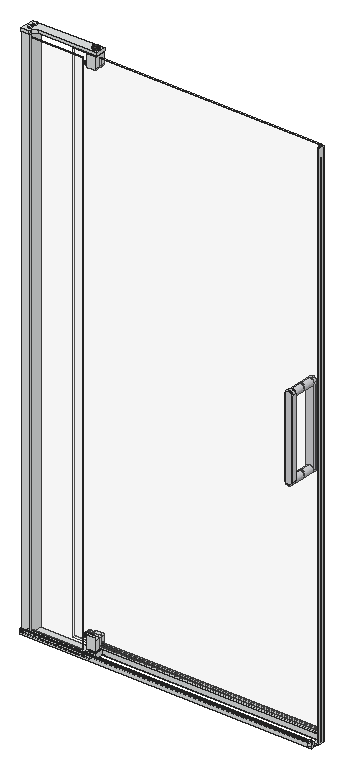
Revit family "Shower-Shower_Door-KOHLER-Revel-K-707536_1", category Specialty Equipment, host Face, Revit 2022
Family settings
  Host = Face
  Round Connector Dimension = Use Diameter
  Part Type = Normal
  OmniClass Number = 23.31.17.17
  OmniClass Title = Shower Enclosures
  Cut with Voids When Loaded = No
  Maintain Annotation Orientation = No
  Shared = No
  Room Calculation Point = No
Parameters (values of type "Clear Glass, SHP-Bright Polished Silver")
  Width [instance] = 8.18898" + Walk Thru + 1.5748"  # 40.01378"
  WaterSense Certified = 1 = 0  # no
  Walk Thru [instance] = 30 1/4"
  URL = "https://www.us.kohler.com/us/"
  Type = 3
  Secondary Finish = Kohler-Glass-L-Crystal_Clear
  Product Page URL = "http://www.us.kohler.com/us/catalog/productDetails.jsp?productId=707536-L"
  Product Name = "Revel"  # constant formula
  Product Documentation Link = "https://www.us.kohler.com/webassets/kpna/catalog/pdf/en/K-707536-L_spec_US-CA_Kohler_en.pdf"
  Model = if(Type = 1, "K-707536-L-ABZ", if(Type = 2, "K-707536-L-BNK", if(Type = 3, "K-707536-L-SHP", if(Type = 4, "K-707536-D3-ABZ", if(Type = 5, "K-707536-D3-BNK", if(Type = 6, "K-707536-D3-SHP", "NA"))))))  # "K-707536-L-SHP"
  Material = "Premium Metal Construction"  # constant formula
  Master Format 2014 Name = "Shower Doors"  # constant formula
  Master Format 2014 = "10 28 19.16"  # constant formula
  Manufacturer Address = "444 Highland Dr, Kohler, WI 53044"  # constant formula
  Manufacturer = "Kohler Co."  # constant formula
  Length = 4 7/64"  # constant formula
  Height = 74.01575"  # constant formula
  Handle Finish = Kohler-Metal-CP-Polished_Chrome
  Finish = Kohler-Metal-SHP-Bright_Polished_Silver
  Environmental Product Declaration = ""
  Description = if(or(Type < 4), "Pivot shower door, 74 inch H x 35-1/8 - 40 inch W, with 5/16 inch thick Crystal Clear glass", "Pivot shower door, 74 inch H x 35-1/8 - 40 inch W, with 5/16 inch thick Frosted glass")  # "Pivot shower door, 74 inch H x 35-1/8 - 40 inch W, with 5/16 inch thick Crystal Clear glass"
  Default Elevation = 4"
  Declare Label = ""
  Date Modified = "06/20/2022"  # constant formula
  Date Created = "06/20/2022"  # constant formula
  Copyright = "Copyright Kohler Co."  # constant formula
  Contact Us = "https://www.us.kohler.com/us/static/contact.jsp"
  Assembly Code = "C1030200"
  ADA Compliant = 1 = 0  # no
Reference planes (in)
  plane 1 "Center (Front/Back)": y = 0
  plane 2: z = 0
  plane 3 "Center (Left/Right)": x = 0
  plane 4: y = 2.10994
  plane 5: y = 0.71149
  plane 6: y = -1.5326
  plane 7: x = -8.29527
  plane 8: y = 0.32149
  plane 9: y = -1.99943
  plane 10: y = -0.55188
  plane 11: x = -15.84581
  plane 12: z = 74.01575
  plane 13: z = 74.38016
  plane 14: z = 73.13257
  plane 15: z = 72.11625
  plane 16: z = 42.95276
  plane 17: z = 42.46063
  plane 18: z = 31.83071
  plane 19: z = 31.33858
  plane 20: z = 2.1635
  plane 21: z = 0.62992
  plane 22: x = -16.48425
  plane 23: x = -6.72047
  plane 24: x = 23.52953
  plane 25: x = 23.14921
  plane 26: z = 72.6811
  plane 27: x = 23.03099
  plane 28: x = 20.57624
Dimensions and locks (in)
  plane 7 to plane 3 "Center (Left/Right)" = 8.29527"
  "Height": plane 12 to level
  "Length": plane 4 to plane 9
  locked: plane 23 to plane 3 "Center (Left/Right)" at 6.72047
  "Walk Thru": plane 23 to plane 24
  locked: plane 27 to plane 24 at 0.49854
  locked: plane 24 to plane 25 at 0.38032
  locked: plane 28 to plane 24 at 2.95329
  plane 19 to level = 31.33858"
  locked: plane 16 to plane 19 at 11.61417
  plane 7 to plane 22 = 8.18898"
  locked: plane 11 to plane 22 at 0.63844
  "Width": plane 24 to plane 22
  locked: plane 13 to plane 12 at 0.36441
  locked: plane 12 to plane 14 at 0.88318
  locked: plane 14 to plane 15 at 1.01632
  locked: plane 18 to plane 19 at 0.49213
  locked: plane 16 to plane 17 at 0.49213
  aligned and locked: plane 2 to host face
  aligned and locked: level to host face
  aligned and locked: plane 3 "Center (Left/Right)" to nested 1
Automatic sketch dimensions
  host sketch curve to host sketch curve = 96"  (x2)
Nested families (in)
  nested 1: "K-707536" at (0, 0, 0), type "K-707536"
    with Width 40.01378", Walk Thru 30 1/4"
Definition of nested family "K-707536"
  Parameters (values of type "K-707536")
    Width = Walk Thru + Distance + 1.5748"  # 36.02362"
    Walk Thru = 26.25984"
    Material = none
    Height = 74.01575"
    Handle Material = none
    Handle Height = 31.33858"
    Glass Material = none
    Distance = 8.18898"
    Default Elevation = 0"
  Reference planes (in)
    plane 1 "Center (Front/Back)": y = 0
    plane 2: z = 0
    plane 3 "Center (Left/Right)": x = 0
    plane 4: x = -16.48425
    plane 5: x = -8.29527
    plane 6 "K": x = 16.58608
    plane 7: z = 74.01575
    plane 8: z = 73.66142
    plane 9 "D": z = 72.11625
    plane 10: z = 31.33858
    plane 11: z = 42.95276
    plane 12: y = 2.10994
    plane 13: y = -1.99772
    plane 14: y = 0.71149
    plane 15: y = -1.5326
    plane 16: z = 0.62992
    plane 17: z = 73.13257
    plane 18: x = -15.84363
    plane 19 "A": y = -0.55188
    plane 20 "B": y = 0.32149
    plane 21 "C": z = 2.1635
    plane 22: z = 72.93572
    plane 23: z = 72.68188
    plane 24: z = 42.46063
    plane 25: z = 31.83071
    plane 26: z = 74.38016
    plane 27: x = -6.72047
    plane 28: x = 19.53937
    plane 29: x = 18.89764
    plane 30: x = 19.39764
    plane 31: x = 19.04083
    plane 32: x = -7.40614
  Forms (in)
    Extrusion 1, solid, material <- "Material", detail levels medium+fine
      sketch origin (0, 0, 0) x (0, 1, 0) y (0, 0, 1)
        loop
          line (-0.27623, 0) -> (0.59855, 0)
          arc (0.59855, 0) -> (0.62415, 0.0106) -> (0.63475, 0.0362) r 0.0362
          line (0.63475, 0.0362) -> (0.63475, 0.21702)
          arc (0.63475, 0.21702) -> (0.62509, 0.24034) -> (0.60177, 0.25) r 0.03298
          line (0.60177, 0.25) -> (-1.2883, 0.25)
          arc (-1.2883, 0.25) -> (-1.3314, 0.26785) -> (-1.34925, 0.31095) r 0.06095
          line (-1.34925, 0.31095) -> (-1.34925, 0.48)
          arc (-1.34925, 0.48) -> (-1.40675, 0.5375) -> (-1.46425, 0.48) r 0.0575
          line (-1.46425, 0.48) -> (-1.46425, 0.26417)
          arc (-1.46425, 0.26417) -> (-1.42954, 0.17607) -> (-1.34408, 0.1353) r 0.12919
          line (-1.34408, 0.1353) -> (-0.30312, 0.06251) -> (-0.30312, 0.0269)
          arc (-0.30312, 0.0269) -> (-0.29525, 0.00788) -> (-0.27623, 0) r 0.0269
      from -16.48425 to -8.02475
    Extrusion 2, solid, material <- "Material", detail levels medium+fine
      sketch origin (0, 0, 0) x (0, 1, 0) y (0, 0, 1)
        loop
          line (-1.46425, 0.06988) -> (-0.33625, -0.00012) -> (-0.33625, 0.06) -> (-1.46425, 0.13) -> (-1.46425, 0.565) -> (-1.33425, 0.565) -> (-1.33425, 0.368)
          arc (-1.33425, 0.368) -> (-1.30425, 0.338) -> (-1.27425, 0.368) r 0.03
          line (-1.27425, 0.368) -> (-1.27425, 0.60686)
          arc (-1.27425, 0.60686) -> (-1.281, 0.62317) -> (-1.29731, 0.62992) r 0.02306
          line (-1.29731, 0.62992) -> (-1.50695, 0.62992)
          arc (-1.50695, 0.62992) -> (-1.52509, 0.62241) -> (-1.5326, 0.60427) r 0.02565
          line (-1.5326, 0.60427) -> (-1.5326, 0) -> (-1.48411, 0)
          arc (-1.48411, 0) -> (-1.47007, 0.00582) -> (-1.46425, 0.01986) r 0.01986
          line (-1.46425, 0.01986) -> (-1.46425, 0.06988)
      from -16.48425 to 19.39764
    Extrusion 3, solid, material <- "Material", detail levels medium+fine
      sketch origin (0, 0, 0) x (0, 1, 0) y (0, 0, 1)
        loop
          line (-1.23023, 0.67187) -> (-1.54853, 0.67187)
          arc (-1.54853, 0.67187) -> (-1.56451, 0.66526) -> (-1.57112, 0.64928) r 0.0226
          line (-1.57112, 0.64928) -> (-1.57112, 0.03588)
          arc (-1.57112, 0.03588) -> (-1.55186, 0.01661) -> (-1.5326, 0.03588) r 0.01926
          line (-1.5326, 0.03588) -> (-1.5326, 0.62992) -> (-1.25863, 0.62992) -> (-1.25862, 0.15799)
          arc (-1.25862, 0.15799) -> (-1.25033, 0.13693) -> (-1.22989, 0.12718) r 0.03089
          line (-1.22989, 0.12718) -> (-0.30312, 0.06237) -> (-0.30312, 0.02652)
          arc (-0.30312, 0.02652) -> (-0.29532, 0.00768) -> (-0.27648, -0.00013) r 0.02664
          line (-0.27648, -0.00013) -> (0.27012, -0.00013)
          arc (0.27012, -0.00013) -> (0.29328, 0.00947) -> (0.30288, 0.03263) r 0.03275
          line (0.30288, 0.03263) -> (0.30288, 0.20868)
          arc (0.30288, 0.20868) -> (0.29449, 0.22892) -> (0.27425, 0.23731) r 0.02863
          line (0.27425, 0.23731) -> (-1.17024, 0.23731)
          arc (-1.17024, 0.23731) -> (-1.19827, 0.24892) -> (-1.20987, 0.27694) r 0.03964
          line (-1.20987, 0.27694) -> (-1.20987, 0.65152)
          arc (-1.20987, 0.65152) -> (-1.21584, 0.66591) -> (-1.23023, 0.67187) r 0.02036
      from 19.39764 to 18.89764
    Extrusion 4, solid, material <- "Material", detail levels medium+fine
      sketch origin (0, 0, 0) x (1, 0, 0) y (0, 1, 0)
        loop
          line (-16.48425, -1.27425) -> (-15.36279, -1.27425) -> (-15.36279, -1.0745) -> (-15.92325, -1.0745)
          arc (-15.92325, -1.0745) -> (-15.95325, -0.95875) -> (-15.92325, -0.843) r 0.2383
          line (-15.92325, -0.843) -> (-15.359, -0.843) -> (-15.359, 0.64608) -> (-16.48425, 0.64608) -> (-16.48425, 0.5658) -> (-16.42405, 0.5658) -> (-16.42405, 0.2641) -> (-16.48425, 0.2641) -> (-16.48425, 0.19996) -> (-16.42405, 0.19996) -> (-16.42405, -0.42903) -> (-16.48425, -0.42903) -> (-16.48425, -0.49326) -> (-16.42405, -0.49326) -> (-16.42405, -1.21125) -> (-16.48425, -1.21125) -> (-16.48425, -1.27425)
      from 0.25 to 73.66142
    Extrusion 5, solid, material <- "Glass Material"
      sketch origin (0, 0, 0) x (1, 0, 0) y (0, 1, 0)
        loop
          arc (-15.92325, -0.843) -> (-15.95325, -0.95875) -> (-15.92325, -1.0745) r 0.2383
          line (-15.92325, -1.0745) -> (-8.32527, -1.0745)
          arc (-8.32527, -1.0745) -> (-8.29527, -0.95875) -> (-8.32527, -0.843) r 0.2383
          line (-8.32527, -0.843) -> (-15.92325, -0.843)
      from 0.625 to 73.13257
    Extrusion 6, solid, material <- "Material"
      sketch origin (0, 0, 0) x (1, 0, 0) y (0, 1, 0)
        loop
          line (-16.48425, -1.33251) -> (-15.3867, -1.33251)
          arc (-15.3867, -1.33251) -> (-15.3224, -1.30588) -> (-15.29577, -1.24158) r 0.09093
          line (-15.29577, -1.24158) -> (-15.29577, -1.16731)
          arc (-15.29577, -1.16731) -> (-15.14469, -0.80256) -> (-14.77993, -0.65147) r 0.51584
          line (-14.77993, -0.65147) -> (-6.73991, -0.65147) -> (-6.73991, 0.71149) -> (-16.48425, 0.71149) -> (-16.48425, -1.33251)
      from 73.66142 to 74.01575
    Revolve 7, solid, detail levels medium+fine
      sketch origin (0, -0.55188, 0) x (0, 0, 1) y (-1, 0, 0)
        loop
          line (74.01575, 15.84363) -> (74.19327, 15.84363)
          arc (74.19327, 15.84363) -> (74.1544, 15.98634) -> (74.04852, 16.08963) r 0.2814
          line (74.04852, 16.08963) -> (74.01575, 16.08963) -> (74.01575, 15.84363)
        axis (74.01575, 15.84363) -> (74.19327, 15.84363)
      angle from 0 to 360
    Revolve 8, solid, detail levels medium+fine
      sketch origin (0, 0.32149, 0) x (0, 0, -1) y (-1, 0, 0)
        loop
          line (-74.01575, 15.84363) -> (-74.01575, 16.08963) -> (-74.04852, 16.08963)
          arc (-74.04852, 16.08963) -> (-74.1544, 15.98634) -> (-74.19327, 15.84363) r 0.2814
          line (-74.19327, 15.84363) -> (-74.01575, 15.84363)
        axis (-74.19327, 15.84363) -> (-74.01575, 15.84363)
      angle from 0 to 360
    Extrusion 9, solid, material <- "Material", detail levels medium+fine
      sketch origin (0, 0, 0) x (0, 1, 0) y (0, 0, 1)
        loop
          line (0.63475, 0) -> (0.63475, 0.625) -> (-0.72263, 0.625)
          arc (-0.72263, 0.625) -> (-0.75489, 0.61164) -> (-0.76825, 0.57938) r 0.04562
          line (-0.76825, 0.57938) -> (-0.76825, 0.31091)
          arc (-0.76825, 0.31091) -> (-0.78609, 0.26784) -> (-0.82916, 0.25) r 0.06091
          line (-0.82916, 0.25) -> (-1.10552, 0.25)
          arc (-1.10552, 0.25) -> (-1.13786, 0.26339) -> (-1.15125, 0.29573) r 0.04573
          line (-1.15125, 0.29573) -> (-1.15125, 0.59003)
          arc (-1.15125, 0.59003) -> (-1.16149, 0.61476) -> (-1.18622, 0.625) r 0.03497
          line (-1.18622, 0.625) -> (-1.24534, 0.625)
          arc (-1.24534, 0.625) -> (-1.2672, 0.61595) -> (-1.27625, 0.59409) r 0.03091
          line (-1.27625, 0.59409) -> (-1.27625, 0.312)
          arc (-1.27625, 0.312) -> (-1.31275, 0.2755) -> (-1.34925, 0.312) r 0.0365
          line (-1.34925, 0.312) -> (-1.34925, 0.48)
          arc (-1.34925, 0.48) -> (-1.40675, 0.5375) -> (-1.46425, 0.48) r 0.0575
          line (-1.46425, 0.48) -> (-1.46425, 0.26028)
          arc (-1.46425, 0.26028) -> (-1.43067, 0.17503) -> (-1.34797, 0.13559) r 0.125
          line (-1.34797, 0.13559) -> (-0.30275, 0.0625) -> (-0.30275, 0.03125)
          arc (-0.30275, 0.03125) -> (-0.2936, 0.00915) -> (-0.2715, 0) r 0.03125
          line (-0.2715, 0) -> (0.63475, 0)
      from -6.76525 to -8.02475
    Extrusion 10, solid, material <- "Material"
      sketch origin (0, 0, 0) x (1, 0, 0) y (0, 0, 1)
        loop
          arc (-6.80462, 0.7535) -> (-6.77678, 0.76503) -> (-6.76525, 0.79287) r 0.03937
          line (-6.76525, 0.79287) -> (-6.76525, 2.20243)
          arc (-6.76525, 2.20243) -> (-6.83527, 2.37148) -> (-7.00432, 2.4415) r 0.23907
          line (-7.00432, 2.4415) -> (-7.77509, 2.4415)
          arc (-7.77509, 2.4415) -> (-7.94491, 2.37116) -> (-8.01525, 2.20134) r 0.24016
          line (-8.01525, 2.20134) -> (-8.01525, 0.79202)
          arc (-8.01525, 0.79202) -> (-8.00397, 0.76478) -> (-7.97673, 0.7535) r 0.03852
          line (-7.97673, 0.7535) -> (-6.80462, 0.7535)
      from -0.699 to 0.6555
    Extrusion 11, void
      sketch origin (0, 0, 0) x (0, 1, 0) y (0, 0, 1)
        loop
          line (-0.223, 1.0975) -> (0.277, 1.0975) -> (0.277, 2.6723) -> (-0.223, 2.6723) -> (-0.223, 1.0975)
      from -8.374 to -5.62598
    Extrusion 12, solid
      sketch origin (0, 0, 0) x (1, 0, 0) y (0, 0, 1)
        loop
          line (-6.78494, 1.0975) -> (-6.78494, 2.20243)
          arc (-6.78494, 2.20243) -> (-6.84919, 2.35756) -> (-7.00432, 2.42181) r 0.21938
          line (-7.00432, 2.42181) -> (-7.77509, 2.42181)
          arc (-7.77509, 2.42181) -> (-7.93099, 2.35724) -> (-7.99556, 2.20134) r 0.22047
          line (-7.99556, 2.20134) -> (-7.99556, 1.0975) -> (-6.78494, 1.0975)
      from -0.277 to 0.223
    Revolve 13, solid, material <- "Material"
      sketch origin (0, 0, 2.1635) x (0, -1, 0) y (1, 0, 0)
        loop
          line (0.3524, -8.32761) -> (-0.39049, -8.32761) -> (-0.39049, -8.59986)
          arc (-0.39049, -8.59986) -> (-0.37874, -8.62823) -> (-0.35037, -8.63998) r 0.04012
          line (-0.35037, -8.63998) -> (-0.17426, -8.63998) -> (-0.17426, -8.59632) -> (-0.13508, -8.59632) -> (-0.13508, -8.48472) -> (0.097, -8.48472) -> (0.097, -8.59632) -> (0.13617, -8.59632) -> (0.13617, -8.63998) -> (0.31228, -8.63998)
          arc (0.31228, -8.63998) -> (0.34065, -8.62823) -> (0.3524, -8.59986) r 0.04012
          line (0.3524, -8.59986) -> (0.3524, -8.32761)
        axis (0.3524, -8.32761) -> (-0.39049, -8.32761)
      angle from 0 to 360
    Extrusion 14, solid, detail levels medium+fine
      sketch origin (0, 0, 0) x (1, 0, 0) y (0, 0, 1)
        loop
          circle (-7.07775, 1.5975) r 0.18898
        loop
          line (-7.07775, 1.72346) -> (-7.18683, 1.66048) -> (-7.18683, 1.53452) -> (-7.07775, 1.47154) -> (-6.96867, 1.53452) -> (-6.96867, 1.66048) -> (-7.07775, 1.72346)
        loop
          circle (-7.70273, 1.5975) r 0.18898
        loop
          line (-7.70273, 1.72346) -> (-7.81181, 1.66048) -> (-7.81181, 1.53452) -> (-7.70273, 1.47154) -> (-7.59364, 1.53452) -> (-7.59364, 1.66048) -> (-7.70273, 1.72346)
      from -0.64608 to -0.74844
    Revolve 15, solid, material <- "Material"
      sketch origin (0, 0, 72.11625) x (0, -1, 0) y (1, 0, 0)
        loop
          line (0.34548, -8.29527) -> (-0.39741, -8.29527) -> (-0.39741, -8.56752)
          arc (-0.39741, -8.56752) -> (-0.38566, -8.59589) -> (-0.35729, -8.60764) r 0.04012
          line (-0.35729, -8.60764) -> (-0.18118, -8.60764) -> (-0.18118, -8.56398) -> (-0.14201, -8.56398) -> (-0.14201, -8.45238) -> (0.09007, -8.45238) -> (0.09007, -8.56398) -> (0.12925, -8.56398) -> (0.12925, -8.60764) -> (0.30536, -8.60764)
          arc (0.30536, -8.60764) -> (0.33373, -8.59589) -> (0.34548, -8.56752) r 0.04012
          line (0.34548, -8.56752) -> (0.34548, -8.29527)
        axis (0.34548, -8.29527) -> (-0.39741, -8.29527)
      angle from 0 to 360
    Extrusion 16, solid, material <- "Material"
      sketch origin (0, 0, 0) x (0, 1, 0) y (0, 0, 1)
        loop
          arc (-0.097, 1.35312) -> (-0.11537, 1.37299) -> (-0.13662, 1.35624) r 0.01993
          line (-0.13662, 1.35624) -> (-0.1776, 1.0975) -> (0.20316, 1.0975) -> (0.20316, 1.33432)
          arc (0.20316, 1.33432) -> (0.2165, 1.35338) -> (0.23898, 1.34737) r 0.02029
          arc (0.23898, 1.34737) -> (0.2829, 1.29668) -> (0.32829, 1.24731) r 2.26458
          arc (0.32829, 1.24731) -> (0.34709, 1.18966) -> (0.31434, 1.13863) r 0.07073
          arc (0.31434, 1.13863) -> (0.33971, 1.11534) -> (0.37309, 1.12379) r 0.03623
          arc (0.37309, 1.12379) -> (0.42824, 1.15633) -> (0.49187, 1.16351) r 0.15339
          arc (0.49187, 1.16351) -> (0.52099, 1.19696) -> (0.4952, 1.23303) r 0.03577
          arc (0.4952, 1.23303) -> (0.28695, 1.37387) -> (0.20068, 1.61001) r 0.4083
          arc (0.20068, 1.61001) -> (0.17922, 1.64919) -> (0.135, 1.65554) r 0.04994
          line (0.135, 1.65554) -> (0.135, 1.1775)
          arc (0.135, 1.1775) -> (0.019, 1.1475) -> (-0.097, 1.1775) r 0.23927
          line (-0.097, 1.1775) -> (-0.097, 1.35312)
        loop
          line (0.25206, 1.15842) -> (0.26168, 0.02414)
          arc (0.26168, 0.02414) -> (0.28259, 0.00002) -> (0.30569, 0.02205) r 0.02205
          line (0.30569, 0.02205) -> (0.30569, 1.15843)
          arc (0.30569, 1.15843) -> (0.27885, 1.25716) -> (0.25206, 1.15842) r 0.05301
      from -6.76525 to 19.04083
    Extrusion 17, solid, material <- "Material", detail levels medium+fine
      sketch origin (0, 0.32149, 0) x (0, 0, -1) y (-1, 0, 0)
        loop
          arc (-73.49422, 8.033) -> (-73.5177, 8.02327) -> (-73.52743, 7.99979) r 0.03321
          line (-73.52743, 7.99979) -> (-73.52743, 6.8125)
          arc (-73.52743, 6.8125) -> (-73.5177, 6.78902) -> (-73.49422, 6.77929) r 0.03321
          line (-73.49422, 6.77929) -> (-72.08933, 6.77929)
          arc (-72.08933, 6.77929) -> (-71.91084, 6.85322) -> (-71.83691, 7.03171) r 0.25241
          line (-71.83691, 7.03171) -> (-71.83691, 7.78058)
          arc (-71.83691, 7.78058) -> (-71.91084, 7.95907) -> (-72.08933, 8.033) r 0.25241
          line (-72.08933, 8.033) -> (-73.49422, 8.033)
      from -0.97296 to 0.37751
    Extrusion 18, void
      sketch origin (0, 0, 0) x (0, 1, 0) y (0, 0, 1)
        loop
          line (-0.22762, 71.71778) -> (0.23512, 71.71778) -> (0.23512, 73.22772) -> (-0.22762, 73.22772) -> (-0.22762, 71.71778)
      from -8.32527 to -6.37881
    Extrusion 19, solid, detail levels medium+fine
      sketch origin (0, 0, 0) x (1, 0, 0) y (0, 0, 1)
        loop
          line (-7.78058, 71.8566) -> (-7.03171, 71.8566)
          arc (-7.03171, 71.8566) -> (-6.86714, 71.92476) -> (-6.79898, 72.08933) r 0.23273
          line (-6.79898, 72.08933) -> (-6.79898, 73.22772) -> (-8.01331, 73.22772) -> (-8.01331, 72.08933)
          arc (-8.01331, 72.08933) -> (-7.94515, 71.92476) -> (-7.78058, 71.8566) r 0.23273
      from -0.23512 to 0.22762
    Extrusion 20, solid, material <- "Glass Material"
      sketch origin (0, 0, 0) x (1, 0, 0) y (0, 1, 0)
        loop
          arc (19.33997, -0.1605) -> (19.39481, -0.00425) -> (19.33997, 0.152) r 0.25
          line (19.33997, 0.152) -> (-10.36891, 0.152)
          arc (-10.36891, 0.152) -> (-10.42375, -0.00425) -> (-10.36891, -0.1605) r 0.25
          line (-10.36891, -0.1605) -> (19.33997, -0.1605)
      from 1.0975 to 73.13257
    Extrusion 21, solid, detail levels medium+fine
      sketch origin (0, 0, 0) x (1, 0, 0) y (0, 0, 1)
        loop
          circle (-7.09313, 72.6861) r 0.18898
        loop
          line (-7.09313, 72.81206) -> (-7.20221, 72.74908) -> (-7.20221, 72.62312) -> (-7.09313, 72.56014) -> (-6.98404, 72.62312) -> (-6.98404, 72.74908) -> (-7.09313, 72.81206)
        loop
          circle (-7.71992, 72.6861) r 0.18898
        loop
          line (-7.71992, 72.81206) -> (-7.829, 72.74908) -> (-7.829, 72.62312) -> (-7.71992, 72.56014) -> (-7.61083, 72.62312) -> (-7.61083, 72.74908) -> (-7.71992, 72.81206)
      from -0.277 to -0.74844
    Revolve 22, solid, material <- "Handle Material"
      sketch origin (16.58608, 0, 0) x (0, 0, 1) y (0, -1, 0)
        loop
          line (42.46063, -1.59591) -> (42.95276, -1.59591) -> (42.95276, -0.135) -> (42.70487, -0.135) -> (42.70487, 0.097) -> (42.95276, 0.097) -> (42.95276, 1.47495) -> (42.46063, 1.47495) -> (42.46063, -1.59591)
        axis (42.46063, 1.47495) -> (42.46063, -1.59591)
      angle from 0 to 360
    Revolve 23, solid, material <- "Handle Material"
      sketch origin (16.58608, 0, 0) x (0, 0, 1) y (0, -1, 0)
        loop
          line (31.83071, -1.59591) -> (31.83071, 1.47495) -> (31.33858, 1.47495) -> (31.33858, 0.097) -> (31.58646, 0.097) -> (31.58646, -0.135) -> (31.33858, -0.135) -> (31.33858, -1.59591) -> (31.83071, -1.59591)
        axis (31.83071, -1.59591) -> (31.83071, 1.47495)
      angle from 0 to 360
    Sweep 24, solid, material <- "Handle Material", detail levels medium+fine
      path origin (0, 0, 0) x (1, 0, 0) y (0, 0, 1)
        loop
          arc (17.0782, 42.46063) -> (16.58608, 42.95276) -> (16.09395, 42.46063) r 0.49213
          line (16.09395, 42.46063) -> (16.09395, 31.83071)
          arc (16.09395, 31.83071) -> (16.58608, 31.33858) -> (17.0782, 31.83071) r 0.49213
          line (17.0782, 31.83071) -> (17.0782, 42.46063)
      profile origin (16.58608, 0, 42.95276) x (0, 0, -1) y (0, -1, 0)
        loop
          line (0, 1.47495) -> (0.07036, 1.47495) -> (0.07036, 1.99772) -> (0.03819, 1.99772)
          arc (0.03819, 1.99772) -> (0.01119, 1.98653) -> (0, 1.95953) r 0.03819
          line (0, 1.95953) -> (0, 1.47495)
    Extrusion 25, solid, material <- "Handle Material", detail levels medium+fine
      sketch origin (0, 0, 0) x (1, 0, 0) y (0, 0, 1)
        loop
          arc (16.16431, 31.83071) -> (16.58608, 31.40894) -> (17.00785, 31.83071) r 0.42177
          line (17.00785, 31.83071) -> (17.00785, 42.46063)
          arc (17.00785, 42.46063) -> (16.58608, 42.8824) -> (16.16431, 42.46063) r 0.42177
          line (16.16431, 42.46063) -> (16.16431, 31.83071)
      from 1.47495 to 1.99772
    Sweep 26, solid, material <- "Handle Material", detail levels medium+fine
      path origin (0, 0, 0) x (1, 0, 0) y (0, 0, 1)
        loop
          line (17.0782, 31.83071) -> (17.0782, 42.46063)
          arc (17.0782, 42.46063) -> (16.58608, 42.95276) -> (16.09395, 42.46063) r 0.49213
          line (16.09395, 42.46063) -> (16.09395, 31.83071)
          arc (16.09395, 31.83071) -> (16.58608, 31.33858) -> (17.0782, 31.83071) r 0.49213
      profile origin (16.58608, 0, 31.33858) x (0, 0, -1) y (0, -1, 0)
        loop
          line (-0.08322, -1.59591) -> (-0.08322, -2.10994) -> (-0.03596, -2.10994)
          arc (-0.03596, -2.10994) -> (-0.01053, -2.09941) -> (0, -2.07398) r 0.03596
          line (0, -2.07398) -> (0, -1.59591) -> (-0.08322, -1.59591)
    Extrusion 27, solid, material <- "Handle Material", detail levels medium+fine
      sketch origin (0, 0, 0) x (1, 0, 0) y (0, 0, 1)
        loop
          line (16.17717, 42.46063) -> (16.17717, 31.83071)
          arc (16.17717, 31.83071) -> (16.58608, 31.4218) -> (16.99498, 31.83071) r 0.4089
          line (16.99498, 31.83071) -> (16.99498, 42.46063)
          arc (16.99498, 42.46063) -> (16.58608, 42.86953) -> (16.17717, 42.46063) r 0.4089
      from -2.10994 to -1.59591
    Extrusion 28, solid, material <- "Material"
      sketch origin (0, 0, 0) x (1, 0, 0) y (0, 1, 0)
        loop
          circle (-7.40614, 0) r 0.23622
      from 0.565 to 0.7535
    Extrusion 29, void
      sketch origin (0, 0, 0) x (1, 0, 0) y (0, 1, 0)
        loop
          arc (-6.80404, -0.07487) -> (-6.97385, 0.46372) -> (-7.51243, 0.63353) r 0.6115
          arc (-7.51243, 0.63353) -> (-7.63532, 0.45802) -> (-7.45982, 0.33513) r 0.1515
          arc (-7.45982, 0.33513) -> (-7.18811, 0.24946) -> (-7.10243, -0.02225) r 0.3085
          arc (-7.10243, -0.02225) -> (-6.97954, -0.19776) -> (-6.80404, -0.07487) r 0.1515
      from 74.01575 to 73.66142
    Extrusion 30, solid
      sketch origin (0, 0, 0) x (1, 0, 0) y (0, 1, 0)
        loop
          circle (-7.40625, 0.49132) r 0.07731
        loop
          circle (-7.40625, 0.49132) r 0.097
      from 74.01575 to 73.59021
    Extrusion 31, solid, material <- "Handle Material", detail levels coarse
      sketch origin (0, 0, 0) x (1, 0, 0) y (0, 0, 1)
        loop
          line (16.09395, 42.95276) -> (16.09395, 31.33858) -> (17.0782, 31.33858) -> (17.0782, 42.95276) -> (16.09395, 42.95276)
      from 1.47495 to 1.99772
    Extrusion 32, solid, material <- "Handle Material", detail levels coarse
      sketch origin (0, 0, 0) x (1, 0, 0) y (0, 0, 1)
        loop
          line (16.09395, 42.95276) -> (16.09395, 31.33858) -> (17.0782, 31.33858) -> (17.0782, 42.95276) -> (16.09395, 42.95276)
      from -2.10994 to -1.59591
    Extrusion 33, solid, material <- "Material", detail levels coarse
      sketch origin (0, 0, 0) x (1, 0, 0) y (0, 1, 0)
        loop
          line (-15.359, -0.843) -> (-15.359, 0.64608) -> (-16.48425, 0.64608) -> (-16.48425, -1.27425) -> (-15.36279, -1.27425) -> (-15.36279, -1.0745) -> (-15.92325, -1.0745)
          arc (-15.92325, -1.0745) -> (-15.95325, -0.95875) -> (-15.92325, -0.843) r 0.2383
          line (-15.92325, -0.843) -> (-15.359, -0.843)
      from 0 to 73.66142
    Extrusion 34, solid, material <- "Material", detail levels coarse
      sketch origin (16.58608, 0, 0) x (0, 0, 1) y (0, -1, 0)
        loop
          line (0.25, -0.30288) -> (0.25, 1.27425) -> (0.62992, 1.27425) -> (0.62992, 1.5326) -> (0, 1.5326) -> (0, -0.30288) -> (0.25, -0.30288)
      from -33.07033 to 2.81156
    Extrusion 35, solid, material <- "Material"
      sketch origin (0, 0, 0) x (1, 0, 0) y (0, 1, 0)
        loop
          arc (19.53937, 0.28917) -> (19.53044, 0.31074) -> (19.50887, 0.31967) r 0.0305
          line (19.50887, 0.31967) -> (19.00718, 0.31967)
          arc (19.00718, 0.31967) -> (18.98968, 0.30217) -> (19.00718, 0.28466) r 0.0175
          line (19.00718, 0.28466) -> (19.05405, 0.28466)
          arc (19.05405, 0.28466) -> (19.0238, 0.27075) -> (18.99618, 0.25214) r 0.20599
          arc (18.99618, 0.25214) -> (18.96275, 0.2073) -> (18.95558, 0.15183) r 0.11038
          line (18.95558, 0.15183) -> (19.20592, 0.15183)
          arc (19.20592, 0.15183) -> (19.18166, 0.23382) -> (19.1129, 0.28466) r 0.13461
          line (19.1129, 0.28466) -> (19.47359, 0.28466)
          arc (19.47359, 0.28466) -> (19.49605, 0.27536) -> (19.50536, 0.2529) r 0.03177
          line (19.50536, 0.2529) -> (19.50536, -0.48012) -> (19.43517, -0.48012) -> (19.22577, -0.1617)
          arc (19.22577, -0.1617) -> (19.20269, -0.16372) -> (19.19169, -0.18411) r 0.02441
          line (19.19169, -0.18411) -> (19.4107, -0.51714) -> (19.53937, -0.51714) -> (19.53937, 0.28917)
      from 0 to 72.93572
    Revolve 36, solid
      sketch origin (0, 0, 0) x (1, 0, 0) y (0, 0, 1)
        loop
          line (-7.40614, 73.52743) -> (-7.40614, 74.33455) -> (-7.62158, 74.33455) -> (-7.62158, 74.38016) -> (-7.68448, 74.38016)
          arc (-7.68448, 74.38016) -> (-7.7027, 74.37335) -> (-7.71198, 74.35625) r 0.02777
          line (-7.71198, 74.35625) -> (-7.73118, 74.21965) -> (-7.76575, 74.21965) -> (-7.76575, 74.15665) -> (-7.64133, 74.15665) -> (-7.64133, 73.59021) -> (-8.02821, 73.59021) -> (-8.02821, 73.52743) -> (-7.40614, 73.52743)
        axis (-7.40614, 73.52743) -> (-7.40614, 74.38016)
      angle from 0 to 360
    Extrusion 37, solid, material <- "Material", detail levels coarse
      sketch origin (0, 0.32149, 0) x (0, 0, -1) y (-1, 0, 0)
        loop
          arc (-73.49422, 8.033) -> (-73.5177, 8.02327) -> (-73.52743, 7.99979) r 0.03321
          line (-73.52743, 7.99979) -> (-73.52743, 6.8125)
          arc (-73.52743, 6.8125) -> (-73.5177, 6.78902) -> (-73.49422, 6.77929) r 0.03321
          line (-73.49422, 6.77929) -> (-71.83691, 6.77929) -> (-71.83691, 8.033) -> (-73.49422, 8.033)
      from -0.97296 to 0.37751
  Cuts and joins
    Extrusion 11 cuts Extrusion 10
    Extrusion 18 cuts Extrusion 17
    joined: Sweep 26, Extrusion 27
    joined: Sweep 24, Extrusion 25
    Extrusion 29 cuts Extrusion 6
  Lines and regions (in)
    Masking region 1
      outline origin (0, 0, 0) x (1, 0, 0) y (0, 0, 1)
        loop
          line (-16.48425, 0) -> (19.53937, 0) -> (19.53937, 72.93572) -> (19.39764, 72.93572) -> (19.39764, 73.13257) -> (-6.77929, 73.13257) -> (-6.77929, 73.49422)
          arc (-6.77929, 73.49422) -> (-6.78049, 73.511) -> (-6.78408, 73.52743) r 0.11765
          line (-6.78408, 73.52743) -> (-6.78408, 73.59021) -> (-7.17096, 73.59021) -> (-7.17096, 73.66142) -> (-6.72047, 73.66142) -> (-6.72047, 74.01575) -> (-7.17096, 74.01575) -> (-7.17096, 74.15665) -> (-7.04654, 74.15665) -> (-7.04654, 74.21965) -> (-7.08111, 74.21965) -> (-7.10073, 74.35923)
          arc (-7.10073, 74.35923) -> (-7.10885, 74.3742) -> (-7.1248, 74.38016) r 0.02431
          line (-7.1248, 74.38016) -> (-7.68749, 74.38016)
          arc (-7.68749, 74.38016) -> (-7.70344, 74.3742) -> (-7.71156, 74.35923) r 0.02431
          line (-7.71156, 74.35923) -> (-7.73118, 74.21965) -> (-7.76575, 74.21965) -> (-7.76575, 74.15665) -> (-7.64133, 74.15665) -> (-7.64133, 74.01575) -> (-15.59763, 74.01575) -> (-15.59763, 74.04852)
          arc (-15.59763, 74.04852) -> (-15.70095, 74.1543) -> (-15.84363, 74.19313) r 0.28153
          arc (-15.84363, 74.19313) -> (-15.98631, 74.1543) -> (-16.08963, 74.04852) r 0.28153
          line (-16.08963, 74.04852) -> (-16.08963, 74.01575) -> (-16.48425, 74.01575) -> (-16.48425, 0)
        loop
          line (-15.36279, 73.66142) -> (-15.36279, 73.13257) -> (-8.033, 73.13257) -> (-8.033, 73.49422)
          arc (-8.033, 73.49422) -> (-8.0318, 73.511) -> (-8.02821, 73.52743) r 0.11765
          line (-8.02821, 73.52743) -> (-8.02821, 73.59021) -> (-7.64133, 73.59021) -> (-7.64133, 73.66142) -> (-15.36279, 73.66142)
        loop
          line (-8.29527, 1.0975) -> (-8.29527, 0.62992) -> (-7.64237, 0.62992) -> (-7.64237, 0.7535) -> (-7.97673, 0.7535)
          arc (-7.97673, 0.7535) -> (-8.00397, 0.76478) -> (-8.01525, 0.79202) r 0.03852
          line (-8.01525, 0.79202) -> (-8.01525, 1.0975) -> (-8.29527, 1.0975)
        loop
          line (-7.16992, 0.7535) -> (-7.16992, 0.62992) -> (-6.76525, 0.62992) -> (-6.76525, 0.79287)
          arc (-6.76525, 0.79287) -> (-6.77678, 0.76503) -> (-6.80462, 0.7535) r 0.03937
          line (-6.80462, 0.7535) -> (-7.16992, 0.7535)
    Masking region 2
      outline origin (16.58608, 0, 0) x (0, 0, 1) y (0, -1, 0)
        loop
          line (0, -0.63475) -> (0.21702, -0.63475)
          arc (0.21702, -0.63475) -> (0.24034, -0.62509) -> (0.25, -0.60177) r 0.03298
          line (0.25, -0.60177) -> (0.25, -0.64608) -> (0.7535, -0.64608) -> (0.7535, -0.699) -> (1.40852, -0.699) -> (1.40852, -0.74844) -> (1.78648, -0.74844) -> (1.78648, -0.699) -> (2.4415, -0.699) -> (2.4415, -0.64608) -> (31.33858, -0.64608) -> (31.33858, -2.07057)
          arc (31.33858, -2.07057) -> (31.35011, -2.09841) -> (31.37795, -2.10994) r 0.03937
          line (31.37795, -2.10994) -> (42.91503, -2.10994)
          arc (42.91503, -2.10994) -> (42.94171, -2.09889) -> (42.95276, -2.07222) r 0.03773
          line (42.95276, -2.07222) -> (42.95276, -0.64608) -> (71.83691, -0.64608) -> (71.83691, -0.699) -> (72.49712, -0.699) -> (72.49712, -0.74844) -> (72.87507, -0.74844) -> (72.87507, -0.699) -> (73.52743, -0.699) -> (73.52743, -0.64608) -> (73.66142, -0.64608) -> (73.66142, -0.71149) -> (74.01575, -0.71149) -> (74.01575, -0.56685) -> (74.0484, -0.56685)
          arc (74.0484, -0.56685) -> (74.13848, -0.48776) -> (74.1873, -0.37828) r 0.28036
          line (74.1873, -0.37828) -> (74.21965, -0.3596) -> (74.21965, -0.32484) -> (74.35179, -0.30626)
          arc (74.35179, -0.30626) -> (74.37207, -0.29525) -> (74.38016, -0.27363) r 0.03296
          line (74.38016, -0.27363) -> (74.38016, 0.27363)
          arc (74.38016, 0.27363) -> (74.37207, 0.29525) -> (74.35179, 0.30626) r 0.03296
          line (74.35179, 0.30626) -> (74.21965, 0.32484) -> (74.21965, 0.3596) -> (74.15665, 0.3596) -> (74.15665, 0.23689) -> (74.01575, 0.23689) -> (74.01575, 0.30652) -> (74.0484, 0.30652)
          arc (74.0484, 0.30652) -> (74.15424, 0.40945) -> (74.19311, 0.55188) r 0.28036
          arc (74.19311, 0.55188) -> (74.15424, 0.69431) -> (74.0484, 0.79724) r 0.28036
          line (74.0484, 0.79724) -> (74.01575, 0.79724) -> (74.01575, 1.33251) -> (73.66142, 1.33251) -> (73.66142, 1.27425) -> (42.95276, 1.27425) -> (42.95276, 1.95835)
          arc (42.95276, 1.95835) -> (42.94122, 1.98619) -> (42.91339, 1.99772) r 0.03937
          line (42.91339, 1.99772) -> (31.38047, 1.99772)
          arc (31.38047, 1.99772) -> (31.35085, 1.98545) -> (31.33858, 1.95583) r 0.04189
          line (31.33858, 1.95583) -> (31.33858, 1.27425) -> (0.67187, 1.27425) -> (0.67187, 1.54853)
          arc (0.67187, 1.54853) -> (0.66526, 1.56451) -> (0.64928, 1.57112) r 0.0226
          line (0.64928, 1.57112) -> (0.03587, 1.57112)
          arc (0.03587, 1.57112) -> (0.01661, 1.55186) -> (0.03587, 1.5326) r 0.01926
          line (0.03587, 1.5326) -> (0, 1.5326) -> (0, 1.48411)
          arc (0, 1.48411) -> (0.00582, 1.47007) -> (0.01986, 1.46425) r 0.01986
          line (0.01986, 1.46425) -> (0.06988, 1.46425) -> (-0.00012, 0.33625) -> (0.06, 0.33625) -> (0.13, 1.46425) -> (0.26417, 1.46425)
          arc (0.26417, 1.46425) -> (0.17607, 1.42954) -> (0.1353, 1.34408) r 0.12919
          line (0.1353, 1.34408) -> (0.06251, 0.30313) -> (0.0269, 0.30313)
          arc (0.0269, 0.30313) -> (0.00788, 0.29525) -> (0, 0.27623) r 0.0269
          line (0, 0.27623) -> (0, -0.63475)
        loop
          arc (0.48, 1.46425) -> (0.5375, 1.40675) -> (0.48, 1.34925) r 0.0575
          line (0.48, 1.34925) -> (0.312, 1.34925)
          arc (0.312, 1.34925) -> (0.2755, 1.31275) -> (0.312, 1.27625) r 0.0365
          line (0.312, 1.27625) -> (0.35723, 1.27625)
          arc (0.35723, 1.27625) -> (0.3385, 1.30973) -> (0.368, 1.33425) r 0.03
          line (0.368, 1.33425) -> (0.565, 1.33425) -> (0.565, 1.46425) -> (0.48, 1.46425)
        loop
          line (32.32079, 1.47495) -> (32.32079, 1.27425) -> (41.9685, 1.27425) -> (41.9685, 1.47495) -> (32.32079, 1.47495)
        loop
          line (41.9685, -1.59591) -> (41.9685, -0.64608) -> (32.32283, -0.64608) -> (32.32283, -1.59591) -> (41.9685, -1.59591)
    Masking region 3
      outline origin (0, 0, 0) x (1, 0, 0) y (0, 1, 0)
        loop
          line (-16.48425, -1.5326) -> (16.09395, -1.5326) -> (16.09395, -1.94529)
          arc (16.09395, -1.94529) -> (16.10931, -1.98236) -> (16.14638, -1.99772) r 0.05243
          line (16.14638, -1.99772) -> (16.58608, -1.99772) -> (17.02578, -1.99772)
          arc (17.02578, -1.99772) -> (17.06285, -1.98236) -> (17.0782, -1.94529) r 0.05243
          line (17.0782, -1.94529) -> (17.0782, -1.5326) -> (18.89764, -1.5326) -> (18.89764, -1.57112) -> (19.39764, -1.57112) -> (19.39764, -0.51714) -> (19.53937, -0.51714) -> (19.53937, 0.28917)
          arc (19.53937, 0.28917) -> (19.53044, 0.31074) -> (19.50887, 0.31967) r 0.0305
          line (19.50887, 0.31967) -> (19.04083, 0.31967) -> (19.04083, 0.52103) -> (17.0782, 0.52103) -> (17.0782, 2.07301)
          arc (17.0782, 2.07301) -> (17.06739, 2.09912) -> (17.04127, 2.10994) r 0.03693
          line (17.04127, 2.10994) -> (16.13088, 2.10994)
          arc (16.13088, 2.10994) -> (16.10477, 2.09912) -> (16.09395, 2.07301) r 0.03693
          line (16.09395, 2.07301) -> (16.09395, 0.52103) -> (-6.72047, 0.52103) -> (-6.72047, 0.71149) -> (-6.88877, 0.71149) -> (-6.88877, 0.74844) -> (-7.2807, 0.74844) -> (-7.2807, 0.71149) -> (-7.51519, 0.71149) -> (-7.51519, 0.74844) -> (-7.90889, 0.74844) -> (-7.90889, 0.71149) -> (-16.48425, 0.71149) -> (-16.48425, -1.5326)
        loop
          line (16.09395, -0.33625) -> (16.09395, -0.1776) -> (-6.72047, -0.1776) -> (-6.72047, -0.33625) -> (16.09395, -0.33625)
        loop
          line (17.0782, -0.33625) -> (18.89764, -0.33625) -> (18.89764, -0.1776) -> (17.0782, -0.1776) -> (17.0782, -0.33625)
        loop
          line (19.39764, 0.28466) -> (19.39764, 0.10898) -> (19.39764, -0.42305) -> (19.43517, -0.48012) -> (19.50536, -0.48012) -> (19.50536, 0.2529)
          arc (19.50536, 0.2529) -> (19.49605, 0.27536) -> (19.47359, 0.28466) r 0.03177
          line (19.47359, 0.28466) -> (19.39764, 0.28466)
    symbolic lines, detail levels medium+fine
      curve 1: line (-16.08963, 0, 74.01575) -> (-15.59763, 0, 74.01575)
      curve 2: line (-16.08963, 0, 74.04852) -> (-15.59763, 0, 74.04852)
      curve 3: line (-16.48425, 0, 73.66142) -> (-15.359, 0, 73.66142)
      curve 4: line (-15.36279, 0, 73.13257) -> (-15.36279, 0, 0.62992)
      curve 5: line (-8.29527, 0, 0.62992) -> (-16.48425, 0, 0.62992)
      curve 6: line (-8.29527, 0, 73.13257) -> (-8.29527, 0, 1.0975)
      curve 7: line (-8.01525, 0, 1.0975) -> (-8.01525, 0, 2.20134)
      curve 8: arc (-7.77509, 0, 2.4415) -> (-7.94491, 0, 2.37116) -> (-8.01525, 0, 2.20134) r 0.24016
      curve 9: line (-7.00432, 0, 2.4415) -> (-7.77509, 0, 2.4415)
      curve 10: arc (-6.76525, 0, 2.20243) -> (-6.83527, 0, 2.37148) -> (-7.00432, 0, 2.4415) r 0.23907
      curve 11: line (-6.76525, 0, 2.20243) -> (-6.76525, 0, 0.79287)
      curve 12: line (-7.64237, 0, 0.7535) -> (-7.16511, 0, 0.7535)
      curve 13: line (-7.64237, 0, 0.62992) -> (-7.16992, 0, 0.62992)
      curve 14: arc (-8.29527, 0, 1.85282) -> (-8.01525, 0, 2.1635) -> (-8.29527, 0, 2.47418) r 0.31236
      curve 15: line (-6.76525, 0, 0.62992) -> (18.89764, 0, 0.62992)
      curve 16: line (18.89764, 0, -0.00013) -> (18.89764, 0, 0.62992)
      curve 17: line (18.89764, 0, 0.67187) -> (19.39764, 0, 0.67187)
      curve 18: line (18.89764, 0, 0.67187) -> (18.89764, 0, 0.49938)
      curve 19: line (-6.76525, 0, 1.0975) -> (19.19169, 0, 1.0975)
      curve 20: line (-7.64133, 0, 73.66142) -> (-7.17096, 0, 73.66142)
      curve 21: line (-7.64133, 0, 73.59021) -> (-7.17096, 0, 73.59021)
      curve 22: line (-8.02821, 0, 73.52743) -> (-6.78408, 0, 73.52743)
      curve 23: line (-7.64133, 0, 74.01575) -> (-7.17096, 0, 74.01575)
      curve 24: line (-7.64133, 0, 74.15665) -> (-7.17096, 0, 74.15665)
      curve 25: line (-7.73118, 0, 74.21965) -> (-7.08111, 0, 74.21965)
      curve 26: line (16.09395, 0, 42.46063) -> (16.09395, 0, 31.83071)
      curve 27: line (17.0782, 0, 31.83071) -> (17.0782, 0, 42.46063)
      curve 28: arc (17.0782, 0, 42.46063) -> (16.58608, 0, 42.95276) -> (16.09395, 0, 42.46063) r 0.49213
      curve 29: arc (17.0782, 0, 31.83071) -> (16.58608, 0, 31.33858) -> (16.09395, 0, 31.83071) r 0.49213
      curve 30: line (-7.78058, 0, 71.83691) -> (-7.03171, 0, 71.83691)
      curve 31: arc (-7.78058, 0, 71.83691) -> (-7.95907, 0, 71.91084) -> (-8.033, 0, 72.08933) r 0.25241
      curve 32: arc (-6.77929, 0, 72.08933) -> (-6.85322, 0, 71.91084) -> (-7.03171, 0, 71.83691) r 0.25241
      curve 33: line (-8.033, 0, 72.08933) -> (-8.033, 0, 73.13257)
      curve 34: line (-6.77929, 0, 72.08933) -> (-6.77929, 0, 73.13257)
      curve 35: arc (-8.033, 0, 72.2859) -> (-8.14598, 0, 72.39062) -> (-8.29527, 0, 72.42861) r 0.31236
      curve 36: arc (-8.29527, 0, 71.80388) -> (-8.12638, 0, 71.85348) -> (-8.01112, 0, 71.98653) r 0.31236
      curve 37: line (16.58608, 0.60177, 0.25) -> (16.58608, -1.27425, 0.25)
      curve 38: line (16.58608, -1.27425, 0.25) -> (16.58608, -1.27425, 0.67187)
      curve 39: arc (16.58608, -1.27425, 0.60686) -> (16.58608, -1.281, 0.62317) -> (16.58608, -1.29731, 0.62992) r 0.02306
      curve 40: line (16.58608, -1.27425, 0.62992) -> (16.58608, -1.5326, 0.62992)
      curve 41: arc (16.58608, -1.50695, 0.62992) -> (16.58608, -1.52509, 0.62241) -> (16.58608, -1.5326, 0.60427) r 0.02565
      curve 42: line (16.58608, -1.5326, 0.62992) -> (16.58608, -1.5326, 0)
      curve 43: line (16.58608, -1.46425, 0.26028) -> (16.58608, -1.46425, 0.48)
      curve 44: line (16.58608, -1.46425, 0.13) -> (16.58608, -1.46425, 0.06988)
      curve 45: line (16.58608, 0.64608, 0.7535) -> (16.58608, 0.64608, 2.4415)
      curve 46: line (16.58608, 0.699, 1.40852) -> (16.58608, 0.699, 1.78648)
      curve 47: line (16.58608, 0.5658, 73.66142) -> (16.58608, 0.5658, 0.25)
      curve 48: line (16.58608, 0.2641, 0.25) -> (16.58608, 0.2641, 73.66142)
      curve 49: line (16.58608, 0.19996, 73.66142) -> (16.58608, 0.19996, 0.25)
      curve 50: line (16.58608, -0.42903, 0.25) -> (16.58608, -0.42903, 73.66142)
      curve 51: line (16.58608, -0.49326, 73.66142) -> (16.58608, -0.49326, 0.25)
      curve 52: line (16.58608, -1.21125, 0.25) -> (16.58608, -1.21125, 73.66142)
      curve 53: line (16.58608, 0.64608, 31.33858) -> (16.58608, 0.64608, 32.32283)
      curve 54: line (16.58608, -1.27425, 31.33858) -> (16.58608, -1.27425, 32.32079)
      curve 55: line (16.58608, 1.59591, 32.32283) -> (16.58608, 1.59591, 31.33858)
      curve 56: line (16.58608, -1.47495, 32.32079) -> (16.58608, -1.47495, 31.33858)
      curve 57: line (16.58608, 0.64608, 41.9685) -> (16.58608, 0.64608, 42.95276)
      curve 58: line (16.58608, 1.59591, 41.9685) -> (16.58608, 1.59591, 42.95276)
      curve 59: line (16.58608, -1.27425, 41.9685) -> (16.58608, -1.27425, 42.95276)
      curve 60: line (16.58608, -1.47495, 41.9685) -> (16.58608, -1.47495, 42.95276)
      curve 61: line (16.58608, 0.64608, 71.83691) -> (16.58608, 0.64608, 73.52743)
      curve 62: line (16.58608, 0.699, 72.49712) -> (16.58608, 0.699, 72.87507)
      curve 63: line (16.58608, 0.64608, 73.66142) -> (16.58608, -1.27425, 73.66142)
      curve 64: line (16.58608, 0.56685, 74.01575) -> (16.58608, -0.23689, 74.01575)
      curve 65: line (16.58608, -0.30652, 74.01575) -> (16.58608, -0.79724, 74.01575)
      curve 66: line (16.58608, -0.30652, 74.0484) -> (16.58608, -0.79724, 74.0484)
      curve 67: line (16.58608, 0.07518, 74.01575) -> (16.58608, 0.07518, 74.0484)
      curve 68: line (16.58608, 0.07518, 74.0484) -> (16.58608, 0.56685, 74.0484)
      curve 69: arc (16.58608, 0.37828, 74.1873) -> (16.58608, 0.20368, 74.16815) -> (16.58608, 0.07518, 74.0484) r 0.2788
      curve 70: line (16.58608, -0.32484, 74.21965) -> (16.58608, 0.32504, 74.21965)
      curve 71: line (16.58608, -0.23519, 74.15665) -> (16.58608, 0.18131, 74.15665)
      curve 72: circle (-15.84363, 0.32149, 0) r 0.246 normal (0, 0, 1)
      curve 73: circle (-15.84363, -0.55188, 0) r 0.246 normal (0, 0, -1)
      curve 74: line (-7.90889, 0.71149, 0) -> (-7.51519, 0.71149, 0)
      curve 75: line (-7.2807, 0.71149, 0) -> (-6.88877, 0.71149, 0)
      curve 76: line (-6.72047, -0.22567, 0) -> (-6.72047, 0.52103, 0)
      curve 77: line (-6.72047, -0.33625, 0) -> (-6.72047, -0.65147, 0)
      curve 78: line (-6.72047, -0.65147, 0) -> (-14.77993, -0.65147, 0)
      curve 79: arc (-15.29577, -1.16731, 0) -> (-15.14469, -0.80256, 0) -> (-14.77993, -0.65147, 0) r 0.51584
      curve 80: line (-16.48425, -1.33251, 0) -> (-15.3867, -1.33251, 0)
      curve 81: arc (-15.3867, -1.33251, 0) -> (-15.3224, -1.30588, 0) -> (-15.29577, -1.24158, 0) r 0.09093
      curve 82: line (-15.29577, -1.24158, 0) -> (-15.29577, -1.16731, 0)
      curve 83: line (-8.32527, -0.843, 0) -> (-15.18107, -0.843, 0)
      curve 84: line (-15.28735, -1.0745, 0) -> (-8.32527, -1.0745, 0)
      curve 85: arc (-8.32527, -1.0745, 0) -> (-8.29527, -0.95875, 0) -> (-8.32527, -0.843, 0) r 0.2383
      curve 86: line (-6.76525, -0.65147, 0) -> (-6.76525, -1.27425, 0)
      curve 87: line (-8.02475, -1.27425, 0) -> (-8.02475, -0.65147, 0)
      curve 88: line (-15.30184, -1.27425, 0) -> (16.09395, -1.27425, 0)
      curve 89: line (-8.02475, -0.76825, 0) -> (-6.76525, -0.76825, 0)
      curve 90: line (-8.02475, -1.15125, 0) -> (-6.76525, -1.15125, 0)
      curve 91: arc (-7.62158, 0, 0) -> (-7.40614, 0.21543, 0) -> (-7.19071, 0, 0) r 0.21543
      curve 92: arc (-7.19071, 0, 0) -> (-7.40614, -0.21543, 0) -> (-7.62158, 0, 0) r 0.21543
      curve 93: arc (-7.76575, 0, 0) -> (-7.40614, 0.3596, 0) -> (-7.04654, 0, 0) r 0.3596
      curve 94: arc (-7.04654, 0, 0) -> (-7.40614, -0.3596, 0) -> (-7.76575, 0, 0) r 0.3596
      curve 95: circle (-7.40614, 0, 0) r 0.32504 normal (0, 0, 1)
      curve 96: line (-7.43499, 0.1285, 0) -> (-7.43499, 0.02884, 0)
      curve 97: line (-7.43499, 0.1285, 0) -> (-7.3773, 0.1285, 0)
      curve 98: line (-7.43499, -0.1285, 0) -> (-7.3773, -0.1285, 0)
      curve 99: line (-7.3773, 0.1285, 0) -> (-7.3773, 0.02884, 0)
      curve 100: line (-7.27764, 0.02884, 0) -> (-7.3773, 0.02884, 0)
      curve 101: line (-7.27764, 0.02884, 0) -> (-7.27764, -0.02884, 0)
      curve 102: line (-7.53464, 0.02884, 0) -> (-7.53464, -0.02884, 0)
      curve 103: line (-7.27764, -0.02884, 0) -> (-7.3773, -0.02884, 0)
      curve 104: line (-7.43499, -0.02884, 0) -> (-7.43499, -0.1285, 0)
      curve 105: line (-7.43499, 0.02884, 0) -> (-7.53464, 0.02884, 0)
      curve 106: line (-7.3773, -0.02884, 0) -> (-7.3773, -0.1285, 0)
      curve 107: line (-7.43499, -0.02884, 0) -> (-7.53464, -0.02884, 0)
      curve 108: line (-15.88036, 0.45572, 0) -> (-15.88036, 0.35822, 0)
      curve 109: line (-15.88036, 0.45572, 0) -> (-15.8069, 0.45572, 0)
      curve 110: line (-15.8069, 0.45572, 0) -> (-15.8069, 0.35822, 0)
      curve 111: line (-15.88036, 0.18726, 0) -> (-15.8069, 0.18726, 0)
      curve 112: line (-15.7094, 0.35822, 0) -> (-15.8069, 0.35822, 0)
      curve 113: line (-15.7094, 0.35822, 0) -> (-15.7094, 0.28476, 0)
      curve 114: line (-15.7094, 0.28476, 0) -> (-15.8069, 0.28476, 0)
      curve 115: line (-15.97785, 0.35822, 0) -> (-15.97785, 0.28476, 0)
      curve 116: line (-15.88036, 0.35822, 0) -> (-15.97785, 0.35822, 0)
      curve 117: line (-15.88036, 0.28476, 0) -> (-15.88036, 0.18726, 0)
      curve 118: line (-15.8069, 0.28476, 0) -> (-15.8069, 0.18726, 0)
      curve 119: line (-15.88036, 0.28476, 0) -> (-15.97785, 0.28476, 0)
      curve 120: line (-15.88036, -0.41765, 0) -> (-15.88036, -0.51515, 0)
      curve 121: line (-15.88036, -0.41765, 0) -> (-15.8069, -0.41765, 0)
      curve 122: line (-15.8069, -0.41765, 0) -> (-15.8069, -0.51515, 0)
      curve 123: line (-15.88036, -0.68611, 0) -> (-15.8069, -0.68611, 0)
      curve 124: line (-15.7094, -0.51515, 0) -> (-15.8069, -0.51515, 0)
      curve 125: line (-15.7094, -0.51515, 0) -> (-15.7094, -0.58861, 0)
      curve 126: line (-15.7094, -0.58861, 0) -> (-15.8069, -0.58861, 0)
      curve 127: line (-15.97785, -0.51515, 0) -> (-15.97785, -0.58861, 0)
      curve 128: line (-15.88036, -0.51515, 0) -> (-15.97785, -0.51515, 0)
      curve 129: line (-15.88036, -0.58861, 0) -> (-15.88036, -0.68611, 0)
      curve 130: line (-15.8069, -0.58861, 0) -> (-15.8069, -0.68611, 0)
      curve 131: line (-15.88036, -0.58861, 0) -> (-15.97785, -0.58861, 0)
      curve 132: line (-6.72047, 0.20225, 0) -> (16.09395, 0.20225, 0)
      curve 133: line (16.09395, 0.52103, 0) -> (16.09395, 0.152, 0)
      curve 134: line (17.0782, 0.52103, 0) -> (17.0782, 0.152, 0)
      curve 135: line (16.09395, -1.5326, 0) -> (16.09395, -0.33625, 0)
      curve 136: line (17.0782, -1.5326, 0) -> (17.0782, -0.33625, 0)
      curve 137: line (16.09395, -1.47495, 0) -> (17.0782, -1.47495, 0)
      curve 138: line (16.09395, 1.59591, 0) -> (17.0782, 1.59591, 0)
      curve 139: line (17.0782, 0.20136, 0) -> (18.96054, 0.20136, 0)
      curve 140: arc (-6.80404, -0.07487, 0) -> (-6.97385, 0.46372, 0) -> (-7.51243, 0.63353, 0) r 0.6115
      curve 141: arc (-7.51243, 0.63353, 0) -> (-7.63743, 0.49199, 0) -> (-7.52737, 0.33855, 0) r 0.1515
      curve 142: arc (-7.0746, -0.13925, 0) -> (-6.91817, -0.19594, 0) -> (-6.80404, -0.07487, 0) r 0.1515
      curve 143: arc (-7.30925, 0.49132, 0) -> (-7.40625, 0.58832, 0) -> (-7.50325, 0.49132, 0) r 0.097
      curve 144: arc (-7.48356, 0.49132, 0) -> (-7.40625, 0.56863, 0) -> (-7.32893, 0.49132, 0) r 0.07731
      curve 145: arc (-7.32893, 0.49132, 0) -> (-7.40625, 0.414, 0) -> (-7.48356, 0.49132, 0) r 0.07731
      curve 146: arc (-7.50325, 0.49132, 0) -> (-7.40625, 0.39432, 0) -> (-7.30925, 0.49132, 0) r 0.097
      curve 147: line (19.33997, 0.152, 0) -> (-6.72047, 0.152, 0)
      curve 148: line (-6.72047, -0.1605, 0) -> (19.33997, -0.1605, 0)
      curve 149: line (19.48453, 0, 0) -> (19.48453, 0, 72.93572)
      curve 150: line (18.89764, -1.5326, 0) -> (18.89764, -0.33625, 0)
      curve 151: line (17.0782, -1.27425, 0) -> (18.89764, -1.27425, 0)
      curve 152: line (18.89764, -1.20987, 0) -> (19.39764, -1.20987, 0)
      curve 153: line (19.39764, 0.28466, 0) -> (19.1129, 0.28466, 0)
      curve 154: arc (19.20592, 0.152, 0) -> (19.18161, 0.23389, 0) -> (19.1129, 0.28466, 0) r 0.13461
      curve 155: arc (19.05405, 0.28466, 0) -> (19.0238, 0.27075, 0) -> (18.99618, 0.25214, 0) r 0.20599
      curve 156: arc (18.99618, 0.25214, 0) -> (18.96278, 0.20738, 0) -> (18.95556, 0.152, 0) r 0.11038
      curve 157: arc (19.00718, 0.31967, 0) -> (18.98968, 0.30217, 0) -> (19.00718, 0.28466, 0) r 0.0175
      curve 158: line (19.00718, 0.28466, 0) -> (19.05405, 0.28466, 0)
      curve 159: line (19.00718, 0.31967, 0) -> (19.04083, 0.31967, 0)
      curve 160: arc (19.33997, -0.1605, 0) -> (19.39481, -0.00425, 0) -> (19.33997, 0.152, 0) r 0.25
      curve 161: line (19.39764, -0.42305, 0) -> (19.22498, -0.1605, 0)
      curve 162: line (19.4107, -0.51714, 0) -> (19.19169, -0.18411, 0)
      curve 163: arc (19.22227, -0.1605, 0) -> (19.20118, -0.16479, 0) -> (19.19169, -0.18411, 0) r 0.02441
      curve 164: line (19.05405, 0.28466, 0) -> (19.1129, 0.28466, 0)
      curve 165: line (19.19169, 0, 72.93572) -> (19.39764, 0, 72.93572)
      curve 166: line (19.19169, 0, 0.67187) -> (19.19169, 0, 72.93572)
      curve 167: line (19.39764, 0, 0.67187) -> (19.39764, 0, 0)
      curve 168: line (18.95558, 0, 0.67187) -> (18.95558, 0, 1.0975)
  Dimensions and locks (in)
    "Distance": plane 4 to plane 5
    locked: plane 3 "Center (Left/Right)" to plane 5 at 8.29527
    "Height": plane 7 to level
    locked: plane 7 to plane 8 at 0.35433
    locked: plane 8 to plane 9 "D" at 1.54517
    "Handle Height": plane 10 to level
    locked: plane 11 to plane 10 at 11.61417
    plane 13 to plane 12 = 4.10766"
    locked: plane 14 to plane 15 at 2.24409
    plane 16 to level = 0.62992"
    locked: plane 17 to plane 8 at 0.52885
    locked: plane 4 to plane 18 at 0.64062
    locked: Extrusion 6 sketch curve to plane 3 "Center (Left/Right)" at 6.73991
    locked: Extrusion 17 sketch curve to Extrusion 17 sketch curve at 1.69052
    locked: plane 8 to Extrusion 17 sketch curve at 0.13399
    locked: Extrusion 18 sketch curve to Extrusion 18 sketch curve at 1.50994
    locked: Extrusion 18 sketch curve to plane 17 at 0.09514
    locked: plane 7 to plane 22 at 1.08003
    locked: plane 23 to plane 7 at 1.33386
    locked: plane 11 to plane 24 at 0.49213
    locked: plane 25 to plane 10 at 0.49213
    locked: plane 26 to plane 7 at 0.36441
    plane 27 to plane 5 = 1.5748"
    locked: plane 27 to plane 5 at 1.5748
    "Walk Thru": plane 28 to plane 27
    locked: plane 6 "K" to plane 28 at 2.95329
    locked: plane 28 to plane 29 at 0.64173
    locked: plane 28 to plane 30 at 0.14173
    locked: plane 31 to plane 6 "K" at 2.45475
    locked: Extrusion 20 sketch curve to plane 28 at 0.14456
    locked: Extrusion 37 sketch curve to Extrusion 37 sketch curve at 1.69052
    plane 11 to plane 24 = 0.49213"
    aligned and locked: plane 2 to level
    aligned and locked: plane 4 to Extrusion 1
    aligned and locked: plane 4 to Extrusion 2
    aligned and locked: Extrusion 4 sketch curve to plane 4
    aligned and locked: plane 8 to Extrusion 4
    aligned and locked: plane 17 to Extrusion 5
    aligned and locked: Extrusion 6 sketch curve to plane 4
    aligned and locked: plane 7 to Extrusion 6
    aligned and locked: Extrusion 6 to plane 8
    aligned and locked: plane 7 to Revolve 7 sketch curve
    aligned and locked: Revolve 7 sketch curve to plane 18  (x2)
    aligned and locked: Revolve 8 sketch curve to plane 18
    aligned and locked: plane 7 to Revolve 8 sketch curve
    aligned and locked: plane 18 to Revolve 8 sketch curve
    aligned and locked: cut or joined group of Extrusion 17, Extrusion 18 to Extrusion 19 sketch curve
    aligned and locked: plane 17 to Extrusion 20
    aligned and locked: Revolve 22 sketch curve to plane 11
    aligned and locked: Revolve 22 sketch curve to plane 24
    aligned and locked: plane 24 to Revolve 22 sketch curve
    aligned and locked: Revolve 23 sketch curve to plane 10  (x2)
    aligned and locked: Revolve 23 sketch curve to plane 25  (x2)
    aligned and locked: Sweep 24 sketch curve to Revolve 22
    aligned and locked: Sweep 24 sketch curve to Revolve 23
    aligned and locked: Extrusion 25 sketch curve to Sweep 24  (x2)
    aligned and locked: Sweep 26 sketch curve to Revolve 23
    aligned and locked: Sweep 26 sketch curve to Revolve 22
    aligned and locked: Extrusion 27 sketch curve to Sweep 26  (x2)
    aligned and locked: Masking region 1 sketch curve to plane 4
    aligned and locked: Masking region 1 sketch curve to plane 7
    aligned and locked: Extrusion 6 to Masking region 1 sketch curve
    aligned and locked: Extrusion 4 to Masking region 1 sketch curve
    aligned and locked: Masking region 1 sketch curve to plane 17
    aligned and locked: curve 28 to Revolve 22
    aligned and locked: curve 29 to Revolve 23
    aligned and locked: plane 10 to Masking region 2 sketch curve
    aligned and locked: plane 7 to Masking region 2 sketch curve
    aligned and locked: plane 26 to Masking region 2 sketch curve
    aligned and locked: plane 8 to Masking region 2 sketch curve
    aligned and locked: Masking region 3 sketch curve to plane 4
    aligned and locked: curve 72 to Revolve 8
    aligned and locked: curve 73 to Revolve 7
    aligned and locked: curve 79 to Extrusion 6
    aligned and locked: Extrusion 6 to Extrusion 29  (x2)
    aligned and locked: cut or joined group of Extrusion 6, Extrusion 29 to Extrusion 30
    aligned and locked: Extrusion 31 sketch curve to curve 26
    aligned and locked: Extrusion 31 sketch curve to curve 27
    aligned and locked: Extrusion 31 sketch curve to plane 11
    aligned and locked: Extrusion 31 sketch curve to plane 10
    aligned and locked: Extrusion 32 sketch curve to Extrusion 31  (x2)
    aligned and locked: Extrusion 32 sketch curve to plane 11
    aligned and locked: Extrusion 32 sketch curve to plane 10
    aligned and locked: Extrusion 33 sketch curve to Extrusion 4  (x2)
    aligned and locked: Extrusion 33 sketch curve to plane 4
    aligned and locked: plane 8 to Extrusion 33
    aligned and locked: plane 4 to Extrusion 34
    aligned and locked: plane 27 to Masking region 1 sketch curve
    aligned and locked: plane 29 to Extrusion 3
    aligned and locked: curve 16 to plane 29
    aligned and locked: plane 29 to curve 18
    aligned and locked: plane 30 to Extrusion 3
    aligned and locked: plane 30 to Extrusion 34
    aligned and locked: plane 30 to Extrusion 2
    aligned and locked: plane 31 to Extrusion 16
    aligned and locked: Masking region 3 sketch curve to plane 29
    aligned and locked: Masking region 3 sketch curve to plane 30
